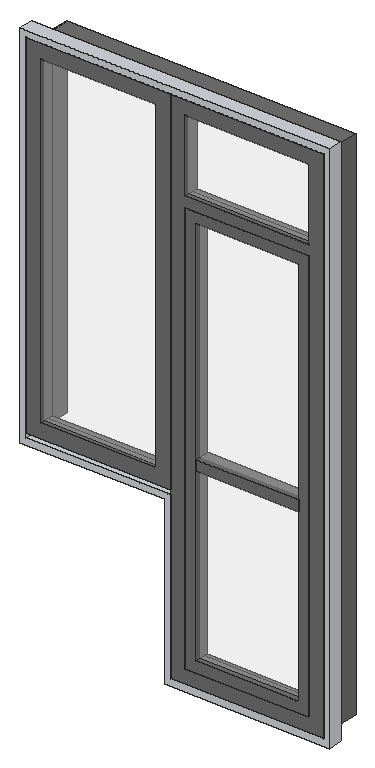
Revit family "AVLN_Балконный блок_Левый_Одностворчатый Фрамуга", category Окна, Revit 2021 (continued)
Definition of nested family "AVLN_Откосы_R19"
  Dimensions and locks
    aligned and locked: nested 7 to plane 1 "По центру (Вперед/Назад)"
    aligned and locked: plane 3 "По центру (Влево/Вправо)" to nested 8
    aligned and locked: nested 8 to plane 1 "По центру (Вперед/Назад)"
  Nested families
    nested 1: "Откос_R19" at (0, 100, 377.189), ADSK_Размер_Глубина <- "Глубина", built-in parameter 1001364 <- "Высота от уровня", ADSK_Группирование <- "ADSK_Группирование", ADSK_Номер секции <- "ADSK_Номер секции", ADSK_Этаж <- "ADSK_Этаж", visible <- "Видимость_1", Видимость <- "Видимость_1", Материал <- "Материал_1", ADSK_Размер_Высота <- "Высота", ADSK_Размер_Толщина <- "Толщина_1", ADSK_Размер_Ширина <- "Ширина", Отступ_Л <- "Отступ_Л", Отступ_П <- "Отступ_П", type "Откос_R19"
      with Площадь 0.80 m², Отступ_П 0 mm, Отступ_Л 0 mm, Материал none, Видимость yes, ADSK_Этаж "", ADSK_Размер_Ширина 1000 mm, ADSK_Размер_Толщина 4 mm, ADSK_Размер_Глубина 200 mm, ADSK_Размер_Высота 1500 mm, ADSK_Номер секции "", ADSK_Группирование ""
    nested 2: "Откос_R19" at (0, 100, 377.189), ADSK_Размер_Глубина <- "Глубина", built-in parameter 1001364 <- "Высота от уровня", ADSK_Группирование <- "ADSK_Группирование", ADSK_Номер секции <- "ADSK_Номер секции", ADSK_Этаж <- "ADSK_Этаж", visible <- "Видимость_2", Видимость <- "Видимость_2", Материал <- "Материал_2", ADSK_Размер_Высота <- "Высота_2", ADSK_Размер_Толщина <- "Толщина_2", ADSK_Размер_Ширина <- "Ширина_2", Отступ_Л <- "Отступ_Л", Отступ_П <- "Отступ_П", type "Откос_R19"
      with Площадь 0.7968 m², Отступ_П 0 mm, Отступ_Л 0 mm, Материал none, Видимость yes, ADSK_Этаж "", ADSK_Размер_Ширина 992 mm, ADSK_Размер_Толщина 8 mm, ADSK_Размер_Глубина 200 mm, ADSK_Размер_Высота 1496 mm, ADSK_Номер секции "", ADSK_Группирование ""
    nested 3: "Откос_R19" at (0, 100, 377.189), ADSK_Размер_Глубина <- "Глубина", built-in parameter 1001364 <- "Высота от уровня", ADSK_Группирование <- "ADSK_Группирование", ADSK_Номер секции <- "ADSK_Номер секции", ADSK_Этаж <- "ADSK_Этаж", visible <- "Видимость_3", Видимость <- "Видимость_3", Материал <- "Материал_3", ADSK_Размер_Высота <- "Высота_3", ADSK_Размер_Толщина <- "Толщина_3", ADSK_Размер_Ширина <- "Ширина_3", Отступ_Л <- "Отступ_Л", Отступ_П <- "Отступ_П", type "Откос_R19"
      with Площадь 0.7904 m², Отступ_П 0 mm, Отступ_Л 0 mm, Материал none, Видимость yes, ADSK_Этаж "", ADSK_Размер_Ширина 976 mm, ADSK_Размер_Толщина 12 mm, ADSK_Размер_Глубина 200 mm, ADSK_Размер_Высота 1488 mm, ADSK_Номер секции "", ADSK_Группирование ""
    nested 4: "Откос_R19" at (0, 100, 377.189), ADSK_Размер_Глубина <- "Глубина", built-in parameter 1001364 <- "Высота от уровня", ADSK_Группирование <- "ADSK_Группирование", ADSK_Номер секции <- "ADSK_Номер секции", ADSK_Этаж <- "ADSK_Этаж", visible <- "Видимость_4", Видимость <- "Видимость_4", Материал <- "Материал_4", ADSK_Размер_Высота <- "Высота_4", ADSK_Размер_Толщина <- "Толщина_4", ADSK_Размер_Ширина <- "Ширина_4", Отступ_Л <- "Отступ_Л", Отступ_П <- "Отступ_П", type "Откос_R19"
      with Площадь 0.7808 m², Отступ_П 0 mm, Отступ_Л 0 mm, Материал none, Видимость yes, ADSK_Этаж "", ADSK_Размер_Ширина 952 mm, ADSK_Размер_Толщина 16 mm, ADSK_Размер_Глубина 200 mm, ADSK_Размер_Высота 1476 mm, ADSK_Номер секции "", ADSK_Группирование ""
    nested 5: "Откос_R19" at (0, 100, 377.189), ADSK_Размер_Глубина <- "Глубина", built-in parameter 1001364 <- "Высота от уровня", ADSK_Группирование <- "ADSK_Группирование", ADSK_Номер секции <- "ADSK_Номер секции", ADSK_Этаж <- "ADSK_Этаж", visible <- "Видимость_5", Видимость <- "Видимость_5", Материал <- "Материал_5", ADSK_Размер_Высота <- "Высота_5", ADSK_Размер_Толщина <- "Толщина_5", ADSK_Размер_Ширина <- "Ширина_5", Отступ_Л <- "Отступ_Л", Отступ_П <- "Отступ_П", type "Откос_R19"
      with Площадь 0.768 m², Отступ_П 0 mm, Отступ_Л 0 mm, Материал none, Видимость yes, ADSK_Этаж "", ADSK_Размер_Ширина 920 mm, ADSK_Размер_Толщина 20 mm, ADSK_Размер_Глубина 200 mm, ADSK_Размер_Высота 1460 mm, ADSK_Номер секции "", ADSK_Группирование ""
    nested 6: "Откос_R19" at (0, 100, 377.189), ADSK_Размер_Глубина <- "Глубина", built-in parameter 1001364 <- "Высота от уровня", ADSK_Группирование <- "ADSK_Группирование", ADSK_Номер секции <- "ADSK_Номер секции", ADSK_Этаж <- "ADSK_Этаж", visible <- "Видимость_6", Видимость <- "Видимость_6", Материал <- "Материал_6", ADSK_Размер_Высота <- "Высота_6", ADSK_Размер_Толщина <- "Толщина_6", ADSK_Размер_Ширина <- "Ширина_6", Отступ_Л <- "Отступ_Л", Отступ_П <- "Отступ_П", type "Откос_R19"
      with Площадь 0.752 m², Отступ_П 0 mm, Отступ_Л 0 mm, Материал none, Видимость yes, ADSK_Этаж "", ADSK_Размер_Ширина 880 mm, ADSK_Размер_Толщина 24 mm, ADSK_Размер_Глубина 200 mm, ADSK_Размер_Высота 1440 mm, ADSK_Номер секции "", ADSK_Группирование ""
    nested 7: "Откос_R19" at (0, 100, 377.189), ADSK_Размер_Глубина <- "Глубина", built-in parameter 1001364 <- "Высота от уровня", ADSK_Группирование <- "ADSK_Группирование", ADSK_Номер секции <- "ADSK_Номер секции", ADSK_Этаж <- "ADSK_Этаж", visible <- "Видимость_7", Видимость <- "Видимость_7", Материал <- "Материал_7", ADSK_Размер_Высота <- "Высота_7", ADSK_Размер_Толщина <- "Толщина_7", ADSK_Размер_Ширина <- "Ширина_7", Отступ_Л <- "Отступ_Л", Отступ_П <- "Отступ_П", type "Откос_R19"
      with Площадь 0.7328 m², Отступ_П 0 mm, Отступ_Л 0 mm, Материал none, Видимость yes, ADSK_Этаж "", ADSK_Размер_Ширина 832 mm, ADSK_Размер_Толщина 28 mm, ADSK_Размер_Глубина 200 mm, ADSK_Размер_Высота 1416 mm, ADSK_Номер секции "", ADSK_Группирование ""
    nested 8: "Откос_R19" at (0, 100, 377.189), ADSK_Размер_Глубина <- "Глубина", built-in parameter 1001364 <- "Высота от уровня", ADSK_Группирование <- "ADSK_Группирование", ADSK_Номер секции <- "ADSK_Номер секции", ADSK_Этаж <- "ADSK_Этаж", visible <- "Видимость_8", Видимость <- "Видимость_8", Материал <- "Материал_8", ADSK_Размер_Высота <- "Высота_8", ADSK_Размер_Толщина <- "Толщина_8", ADSK_Размер_Ширина <- "Ширина_8", Отступ_Л <- "Отступ_Л", Отступ_П <- "Отступ_П", type "Откос_R19"
      with Площадь 0.7104 m², Отступ_П 0 mm, Отступ_Л 0 mm, Материал none, Видимость yes, ADSK_Этаж "", ADSK_Размер_Ширина 776 mm, ADSK_Размер_Толщина 32 mm, ADSK_Размер_Глубина 200 mm, ADSK_Размер_Высота 1388 mm, ADSK_Номер секции "", ADSK_Группирование ""
  Definition of nested family "Откос_R19"
    Parameters (values of type "Откос_R19")
      Площадь [instance] = (ADSK_Размер_Ширина + 2 * ADSK_Размер_Высота) * ADSK_Размер_Глубина  # 2.93564 m²
      Отступ_П [instance] = 0 mm
      Отступ_Л [instance] = 0 mm
      Материал [instance] = none
      Model = "Внутренний слой откоса"  # constant formula
      Видимость [instance] = yes
      ADSK_Этаж [instance] = ""
      ADSK_Размер_Ширина [instance] = 1880 mm
      ADSK_Размер_Толщина [instance] = 164.158 mm
      ADSK_Размер_Глубина [instance] = 560 mm
      ADSK_Размер_Высота [instance] = 1681.106 mm
      ADSK_Примечание = ""
      ADSK_Обозначение = ""
      ADSK_Номер секции [instance] = ""
      ADSK_Наименование = ""
      ADSK_Марка = ""
      ADSK_Группирование [instance] = ""
    Reference planes
      plane 1 "По центру (Вперед/Назад)": y = 0
      plane 2: z = 0
      plane 3 "По центру (Влево/Вправо)": x = 0
      plane 4: x = -940
      plane 5: x = 940
      plane 6: y = 280
      plane 7: y = -280
      plane 8: x = -775.842
      plane 9: z = 1681.106
      plane 10: z = 0
      plane 11: z = 0
    Forms (mm)
      Sweep 1, solid, material <- "Материал", visible <- "Видимость"
        path origin (0, 0, 0) x (1, 0, 0) y (0, 0, 1)
          loop
            line (940, 0) -> (940, 1681.106) -> (-940, 1681.106) -> (-940, 0)
        profile origin (-940, 0, 840.553) x (0, -1, 0) y (1, 0, 0)
          loop
            line (-280, 0) -> (280, 0) -> (280, 164.158) -> (-280, 164.158) -> (-280, 0)
    Dimensions and locks
      equal spacing: plane 6, plane 1 "По центру (Вперед/Назад)", plane 7
      equal spacing: plane 4, plane 3 "По центру (Влево/Вправо)", plane 5
      "ADSK_Размер_Толщина": plane 4 to plane 8
      "ADSK_Размер_Глубина": plane 6 to plane 7
      "ADSK_Размер_Высота": plane 9 to level
      "ADSK_Размер_Ширина": plane 5 to plane 4
      "Отступ_Л": plane 10 to level
      "Отступ_П": plane 11 to level
      aligned and locked: level to plane 2
      aligned and locked: Sweep 1 sketch curve to plane 4
      aligned and locked: Sweep 1 sketch curve to plane 9
      aligned and locked: Sweep 1 sketch curve to plane 5
      aligned and locked: plane 6 to Sweep 1 sketch curve
      aligned and locked: profile plane to Sweep 1 sketch curve
      aligned and locked: Sweep 1 sketch curve to plane 7
      aligned and locked: plane 8 to Sweep 1 sketch curve
      aligned and locked: plane 10 to Sweep 1 sketch curve
      aligned and locked: plane 11 to Sweep 1 sketch curve
Definition of nested family "АС-Обозначение на плане двупольная"
  Parameters (values of type "АС-Стандарт")
    Открывание двери 90 = not(Открывание двери 30)  # no
    Открывание двери 30 = yes
    Монтажный зазор.Ширина сбоку [instance] = 20 mm
    Линия открывания (дуга) = not(Открывание двери 30)  # no
    Коробка.Ширина [instance] = 40 mm
    Коробка.Толщина [instance] = 80 mm
    Width [instance] = Rough Width + Коробка.Ширина + Монтажный зазор.Ширина сбоку  # 960 mm
    Thickness [instance] = 40 mm
    Rough Width [instance] = 900 mm
    Height [instance] = 2100 mm
    Default Elevation = 0 mm
    Analytic Construction = "<Нет>"
  Reference planes
    plane 1 "Center (Front/Back)": y = 0
    plane 2: z = 0
    plane 3 "Center (Left/Right)": x = 0
    plane 4 "Полотно справа": x = -20
    plane 5 "Полотно. Внутренняя сторона": y = -40
    plane 6 "Коробка. Внутренняя сторона": y = -80
    plane 7 "Коробка.Внутренняя сторона слева": x = -960
    plane 8 "Коробка. Внутренняя сторона справа": x = -60
  Lines and regions (mm)
    Masking region 1, detail levels fine
      outline origin (0, 0, 0) x (1, 0, 0) y (0, 1, 0)
        loop
          line (0, -80) -> (0, 0) -> (-20, 0) -> (-20, -80) -> (0, -80)
    Masking region 2, detail levels fine
      outline origin (0, 0, 0) x (1, 0, 0) y (0, 1, 0)
        loop
          line (-20, 0) -> (-60, 0) -> (-60, -40) -> (-70, -40) -> (-70, -80) -> (-20, -80) -> (-20, 0)
    Masking region 3, visible <- "Открывание двери 90", detail levels fine
      outline origin (0, 0, 0) x (1, 0, 0) y (0, 1, 0)
        loop
          line (-60, 0) -> (-60, 900) -> (-100, 900) -> (-100, 0) -> (-60, 0)
    Masking region 4, visible <- "Открывание двери 30", detail levels fine
      outline origin (0, 0, 0) x (1, 0, 0) y (0, 1, 0)
        loop
          line (-60, 0) -> (-839.423, 450) -> (-859.423, 415.359) -> (-80, -34.641) -> (-60, 0)
    symbolic lines, visible <- "Открывание двери 30", detail levels coarse+medium
      curve 1: line (0, 0, 0) -> (-831.384, 480, 0)
    symbolic lines, visible <- "Открывание двери 90", detail levels coarse+medium
      curve 2: line (0, 0, 0) -> (0, 960, 0)
    symbolic lines, visible <- "Линия открывания (дуга)", detail levels coarse+medium
      curve 3: arc (0, 960, 0) -> (-678.823, 678.823, 0) -> (-960, 0, 0) r 960
    symbolic lines, visible <- "Линия открывания (дуга)", detail levels fine
      curve 4: arc (-960, 0, 0) -> (-696.396, 636.396, 0) -> (-60, 900, 0) r 900
    model lines
      curve 5: line (0, 0, 0) -> (0, 0, 2100)
  Dimensions and locks
    "Thickness": plane 1 "Center (Front/Back)" to plane 5 "Полотно. Внутренняя сторона"
    plane 1 "Center (Front/Back)" to plane 6 "Коробка. Внутренняя сторона" = 80 mm
    "Коробка.Толщина": plane 6 "Коробка. Внутренняя сторона" to plane 1 "Center (Front/Back)"
    "Rough Width": plane 7 "Коробка.Внутренняя сторона слева" to plane 8 "Коробка. Внутренняя сторона справа"
    "Width": curve 1 to curve 1
    "Width": plane 1 "Center (Front/Back)" to curve 2
    locked: Masking region 2 sketch curve to Masking region 2 sketch curve at 10
    "Rough Width": plane 1 "Center (Front/Back)" to Masking region 3 sketch curve
    "Thickness": Masking region 3 sketch curve to plane 8 "Коробка. Внутренняя сторона справа"
    "Rough Width": Masking region 4 sketch curve to Masking region 4 sketch curve
    "Thickness": Masking region 4 sketch curve to Masking region 4 sketch curve
    "Height": curve 5 to level
    "Монтажный зазор.Ширина сбоку": plane 4 "Полотно справа" to plane 3 "Center (Left/Right)"
    "Коробка.Ширина": plane 8 "Коробка. Внутренняя сторона справа" to plane 4 "Полотно справа"
    "Width": radius of curve 3
    "Rough Width": radius of curve 4
    locked: curve 1 to plane 1 "Center (Front/Back)" (angle 30.00°)
    locked: Masking region 4 sketch curve to plane 1 "Center (Front/Back)" (angle 30.00°)
    aligned and locked: level to plane 2
    aligned and locked: plane 1 "Center (Front/Back)" to curve 2
    aligned and locked: plane 6 "Коробка. Внутренняя сторона" to Masking region 1 sketch curve
    aligned and locked: plane 1 "Center (Front/Back)" to Masking region 1 sketch curve
    aligned and locked: plane 4 "Полотно справа" to Masking region 1 sketch curve
    aligned and locked: Masking region 2 sketch curve to plane 4 "Полотно справа"
    aligned and locked: Masking region 2 sketch curve to plane 8 "Коробка. Внутренняя сторона справа"
    aligned and locked: Masking region 2 sketch curve to plane 6 "Коробка. Внутренняя сторона"
    aligned and locked: Masking region 2 sketch curve to plane 5 "Полотно. Внутренняя сторона"
    aligned and locked: Masking region 2 sketch curve to plane 1 "Center (Front/Back)"
    aligned and locked: plane 8 "Коробка. Внутренняя сторона справа" to curve 4
    aligned and locked: Masking region 2 to Masking region 3 sketch curve
    aligned and locked: Masking region 3 sketch curve to Masking region 2
    aligned and locked: plane 8 "Коробка. Внутренняя сторона справа" to Masking region 4 sketch curve
    aligned and locked: plane 2 to curve 5
    aligned and locked: plane 3 "Center (Left/Right)" to curve 5
    aligned and locked: Masking region 1 sketch curve to plane 3 "Center (Left/Right)"
    aligned and locked: plane 3 "Center (Left/Right)" to curve 2
  Automatic sketch dimensions
    plane 1 "Center (Front/Back)" to Masking region 4 sketch curve = 0 mm
Definition of nested family "AVLN_Обозначение проема"
  Parameters (values of type "AVLN_Обозначение проема")
    Длина [instance] = 200 mm
    ADSK_Размер_Ширина [instance] = 1200 mm
    ADSK_Размер_Высота [instance] = 1800 mm
  Reference planes
    plane 1 "По центру (Вперед/Назад)": y = 0
    plane 2: z = 0
    plane 3 "По центру (Влево/Вправо)": x = 0
    plane 4: y = 900
    plane 5: y = -900
    plane 6: x = 600
    plane 7: x = -600
    plane 8: x = -400
    plane 9: y = 700
  Lines and regions (mm)
    Masking region 1, in view "Опорный уровень"
      outline origin (0, 0, 0) x (1, 0, 0) y (0, 1, 0)
        loop
          line (600, 900) -> (-400, 700) -> (-600, -900) -> (600, -900) -> (600, 900)
    Filled region 1, type "Сплошная заливка - Черный", in view "Опорный уровень"
      outline origin (0, 0, 0) x (1, 0, 0) y (0, 1, 0)
        loop
          line (600, 900) -> (-600, 900) -> (-600, -900) -> (-400, 700) -> (600, 900)
  Dimensions and locks
    equal spacing: plane 4, plane 1 "По центру (Вперед/Назад)", plane 5
    equal spacing: plane 7, plane 3 "По центру (Влево/Вправо)", plane 6
    "ADSK_Размер_Высота": plane 4 to plane 5
    "ADSK_Размер_Ширина": plane 7 to plane 6
    "Длина": plane 7 to plane 8
    "Длина": plane 4 to plane 9
    aligned and locked: plane 6 to Masking region 1 sketch curve
    aligned and locked: Masking region 1 sketch curve to plane 5
    aligned and locked: plane 4 to Filled region 1 sketch curve
    aligned and locked: Filled region 1 sketch curve to plane 7
    aligned and locked: plane 5 to Filled region 1 sketch curve
    aligned and locked: Masking region 1 sketch curve to Filled region 1  (x2)
    aligned and locked: plane 8 to Filled region 1 sketch curve
    aligned and locked: plane 9 to Filled region 1 sketch curve
  Automatic sketch dimensions
    Filled region 1 sketch curve to plane 6 = 0 mm
Types (4, lengths in mm): name | Ширина окна | Фрамуга_Высота | Rough Width | Rough Height | Подоконник_Длина | Отступ.доп.части_Н | Отступ.доп.части_В | Отлив_Длина | Откос_Н.Ширина | Откос_Н.Толщина.1 | Откос_Н.Отступ_П | Откос_Н.Количество слоев | Откос_Н.Высота | Откос.Отступ_П | Окно_Ширина | Окно_Высота | М.Откос_Н.1 | Height | Width | АВЛН_Площаль откосов наружных | АВЛН_Площаль откосов внутренних | ADSK_Размер_Ширина | ADSK_Размер_Высота | ADSK_Площадь | ADSK_Наименование | ADSK_Марка
  1500 | 700 | 350 | 1440 | 2540 | 730 | 750 | 780 | 680 | 1400 | 2 | 850 | 1 | 2550 | 850 | 560 | 1180 | RAL 7024 | 2600 | 1500 | 1.005 m² | 1.206 m² | 1500 | 2600 | 3.568 m² | "БП Б1 1440-2540" | "Б-4П"
  2000 | 1200 | 350 | 1940 | 2540 | 1230 | 1250 | 1280 | 1180 | 1900 | 4 | 850 | 1 | 2550 | 850 | 1060 | 1180 | Штукатурка наружных откосов | 2600 | 2000 | 1.08 m² | 1.296 m² | 2000 | 2600 | 4.468 m² | "БП Б1 1940-2540" | "Б-3П"
  2000х2420 | 1200 | 170 | 1940 | 2360 | 1230 | 1250 | 1280 | 1180 | 1900 | 4 | 670 | 0 | 2370 | 670 | 1060 | 1360 | Штукатурка наружных откосов | 2420 | 2000 | 1.026 m² | 1.2312 m² | 2000 | 2420 | 4.3294 m² | "БП Б1 1940-2360" | "Б-6П"
  1500х2420 | 700 | 170 | 1440 | 2360 | 730 | 750 | 780 | 680 | 1400 | 4 | 670 | 0 | 2370 | 670 | 560 | 1360 | Штукатурка наружных откосов | 2420 | 1500 | 0.951 m² | 1.1412 m² | 1500 | 2420 | 3.4294 m² | "БП Б1 1440-2360" | "Б-8П"
